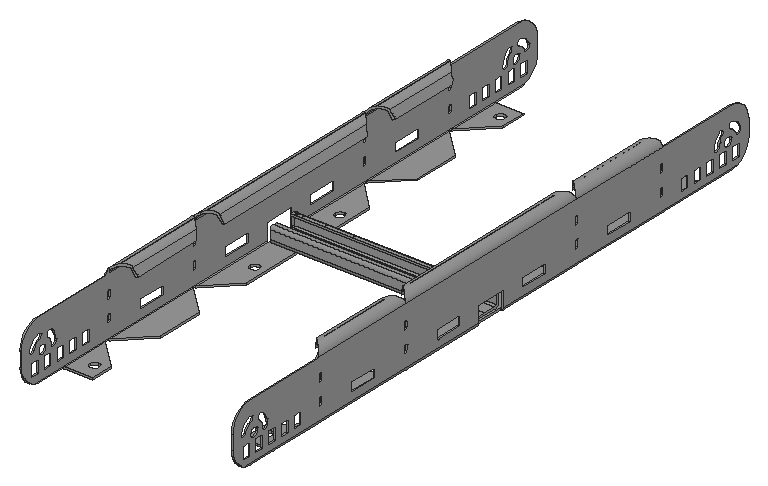
Revit family "Multifunktionsverbinder - LMFV 660 FS", category Generic Models, Revit 2017
Family settings
  Can host rebar = No
  Round Connector Dimension = Use Diameter
  Part Type = Normal
  Work Plane-Based = No
  Always vertical = Yes
  Cut with Voids When Loaded = No
  Shared = No
  Room Calculation Point = No
Parameters (values of type "LMFV 660 FS")
  Width 1 = 0 mm
  Width = 200 mm
  URL = "http://www.obo-bettermann.com"
  Material = Strip galvanised
  Manufacturer Art.No. = "6225718"
  Manufacturer = "OBO BETTERMANN"
  GTIN = "4012196443284"
  Cut's number 2 = 4
  Cut's number = 2
  Article Type = "LMFV 660 FS"
Reference planes
  plane 1 "Center (Front/Back)": y = 0
  plane 2: z = 0
  plane 3 "Center (Left/Right)": x = 0
  plane 4: z = 64
  plane 5: z = 52
  plane 6: x = 28.5
  plane 7: x = 13.5
  plane 8: y = 604
  plane 9: x = 200
  plane 10: x = 171.5
  plane 11: z = 64
  plane 12: z = 52
  plane 13: x = 186.5
  plane 14: x = 200
  plane 15: x = 500
  plane 16: x = 471.5
  plane 17: z = 64
  plane 18: z = 52
  plane 19: x = 486.5
  plane 20: x = 500
  plane 21: z = 55.5
  plane 22: z = 28.5
  plane 23: z = 1.57
  plane 24: z = 55.5
  plane 25: y = 102
  plane 26: y = 49
  plane 27: z = 1.5
  plane 28: y = 49
  plane 29: x = 200
  plane 30: x = 171.5
  plane 31: z = 64
  plane 32: z = 52
  plane 33: x = 186.5
  plane 34: y = 555
  plane 35: z = 1.5
  plane 36: y = 302
  plane 37: y = 202
  plane 38: y = 402
  plane 39: y = 502
  plane 40: y = 102
  plane 41: x = 200
  plane 42: x = 171.5
  plane 43: z = 64
  plane 44: z = 52
  plane 45: x = 186.5
  plane 46: y = 202
  plane 47: y = 102
  plane 48: y = 402
  plane 49: z = 14.5
  plane 50: y = 589
  plane 51: y = 574
  plane 52: y = 559
  plane 53: y = 574
  plane 54: y = 589
  plane 55: z = 14.509
  plane 56: y = 559
  plane 57: y = 544
  plane 58: y = 529
  plane 59: z = 14.304
  plane 60: y = 589
  plane 61: z = 26.9
  plane 62: y = 580
  plane 63: through (0, 580, 26.9) normal (0, 0.766, -0.6428)
  plane 64: y = 580
  plane 65: through (0, 580, 26.9) normal (0, 0.9397, 0.342)
  plane 66: z = 14.5
  plane 67: y = 15
  plane 68: y = 30
  plane 69: y = 45
  plane 70: y = 30
  plane 71: y = 15
  plane 72: z = 14.509
  plane 73: y = 45
  plane 74: y = 60
  plane 75: y = 75
  plane 76: z = 14.304
  plane 77: y = 15
  plane 78: z = 26.9
  plane 79: y = 24
  plane 80: through (0, 24, 26.9) normal (0, 0.766, 0.6428)
  plane 81: y = 24
  plane 82: through (0, 24, 26.9) normal (0, 0.9397, -0.342)
  plane 83: z = 14.509
  plane 84: y = 252
  plane 85: y = 352
  plane 86: z = 14.509
  plane 87: y = 152
  plane 88: y = 252
  plane 89: z = 14.509
  plane 90: y = 352
  plane 91: y = 452
  plane 92: z = 5.5
  plane 93: y = 202
  plane 94: y = 602
  plane 95: y = 302
  plane 96: y = 502
  plane 97: z = 32
  plane 98: z = 63.962
  plane 99: z = 0
  plane 100: x = 2.5
  plane 101: z = 26.9
  plane 102: y = 24
  plane 103: z = 26.9
  plane 104: through (0, 24, 26.9) normal (0, 0.766, -0.6428)
  plane 105: y = 24
  plane 106: through (0, 24, 26.9) normal (0, 0.9397, 0.342)
  plane 107: y = 33.538
  plane 108: y = 40.538
  plane 109: through (0, 33.973, 40.316) normal (0, -0.7071, -0.7071)
  plane 110: through (0, 29.512, 34.877) normal (0, -0.7071, -0.7071)
  plane 111: through (0, 21.658, 36.198) normal (0, -0.342, 0.9397)
  plane 112: through (0, 19.264, 42.776) normal (0, -0.342, 0.9397)
  plane 113: through (0, 24, 26.9) normal (0, 0.342, 0.9397)
  plane 114: through (0, 15.419, 31.212) normal (0, -0.9397, 0.342)
  plane 115: through (0, 9.027, 34.116) normal (0, -0.9397, 0.342)
  plane 116: z = 26.9
  plane 117: y = 580
  plane 118: z = 26.9
  plane 119: through (0, 580, 26.9) normal (0, 0.766, 0.6428)
  plane 120: y = 580
  plane 121: through (0, 580, 26.9) normal (0, 0.9397, -0.342)
  plane 122: y = 570.462
  plane 123: y = 563.462
  plane 124: through (0, 570.027, 40.316) normal (0, -0.7071, 0.7071)
  plane 125: through (0, 574.488, 34.877) normal (0, -0.7071, 0.7071)
  plane 126: through (0, 582.342, 36.198) normal (0, -0.342, -0.9397)
  plane 127: through (0, 584.736, 42.776) normal (0, -0.342, -0.9397)
  plane 128: through (0, 580, 26.9) normal (0, 0.342, -0.9397)
  plane 129: through (0, 588.581, 31.212) normal (0, -0.9397, -0.342)
  plane 130: through (0, 594.973, 34.116) normal (0, -0.9397, -0.342)
  plane 131: x = 200
  plane 132: x = 171.5
  plane 133: z = 64
  plane 134: z = 52
  plane 135: x = 186.5
  plane 136: z = 64
  plane 137: z = 52
  plane 138: x = 28.5
  plane 139: x = 13.5
  plane 140: x = 200
  plane 141: x = 171.5
  plane 142: z = 64
  plane 143: z = 52
  plane 144: x = 186.5
  plane 145: x = 200
  plane 146: x = 171.5
  plane 147: z = 64
  plane 148: z = 52
  plane 149: x = 186.5
  plane 150: x = 200
  plane 151: x = 171.5
  plane 152: z = 64
  plane 153: z = 52
  plane 154: x = 186.5
  plane 155: z = 1.5
  plane 156: z = 55.5
  plane 157: y = 49
  plane 158: y = 100
  plane 159: y = 100
  plane 160: z = 55.5
  plane 161: z = 1.5
  plane 162: y = 504
  plane 163: z = 14.5
  plane 164: z = 0
  plane 165: y = 15
  plane 166: z = 14.5
  plane 167: z = 0
  plane 168: y = 30
  plane 169: z = 14.5
  plane 170: z = 0
  plane 171: y = 45
  plane 172: z = 20.5
  plane 173: z = 8.5
  plane 174: y = 60
  plane 175: y = 75
  plane 176: y = 15
  plane 177: z = 14.5
  plane 178: z = 0
  plane 179: y = 589
  plane 180: z = 14.5
  plane 181: z = 0
  plane 182: y = 574
  plane 183: z = 14.5
  plane 184: z = 0
  plane 185: y = 559
  plane 186: z = 20.5
  plane 187: z = 8.5
  plane 188: y = 544
  plane 189: y = 529
  plane 190: y = 589
  plane 191: y = 352
  plane 192: y = 252
  plane 193: z = 14.5
  plane 194: y = 452
  plane 195: y = 352
  plane 196: z = 14.5
  plane 197: y = 252
  plane 198: y = 152
  plane 199: z = 14.5
  plane 200: y = 152
  plane 201: y = 52
  plane 202: z = 14.5
  plane 203: z = 18.007
  plane 204: z = 8.5
  plane 205: z = 20.5
  plane 206: z = 19.009
  plane 207: y = 202
  plane 208: y = 602
  plane 209: y = 302
  plane 210: y = 502
  plane 211: z = 52
  plane 212: z = 83.962
  plane 213: z = 20
  plane 214: z = 39.009
  plane 215: y = 202
  plane 216: y = 602
  plane 217: y = 302
  plane 218: y = 502
  plane 219: z = 32
  plane 220: z = 63.962
  plane 221: z = 0
  plane 222: z = 19.009
  plane 223: y = 102
  plane 224: y = 502
  plane 225: y = 202
  plane 226: y = 402
  plane 227: z = 32
  plane 228: z = 63.962
  plane 229: z = 0
  plane 230: z = 19.009
  plane 231: y = 102
  plane 232: y = 502
  plane 233: y = 202
  plane 234: y = 402
  plane 235: z = 52
  plane 236: z = 83.962
  plane 237: z = 20
  plane 238: z = 39.009
  plane 239: y = 402
  plane 240: y = 802
  plane 241: y = 502
  plane 242: y = 702
  plane 243: z = 32
  plane 244: z = 63.962
  plane 245: z = 0
  plane 246: z = 19.009
  plane 247: y = 402
  plane 248: y = 802
  plane 249: y = 502
  plane 250: y = 702
  plane 251: z = 52
  plane 252: z = 83.962
  plane 253: z = 20
  plane 254: z = 39.009
  plane 255: y = 502
  plane 256: y = 902
  plane 257: y = 602
  plane 258: y = 802
  plane 259: z = 32
  plane 260: z = 63.962
  plane 261: z = 0
  plane 262: z = 19.009
  plane 263: y = 502
  plane 264: y = 902
  plane 265: y = 602
  plane 266: y = 802
  plane 267: z = 52
  plane 268: z = 83.962
  plane 269: z = 20
  plane 270: z = 39.009
  plane 271: y = 402
  plane 272: z = 18.885
  plane 273: y = 402
  plane 274: z = 38.885
  plane 275: y = 402
  plane 276: z = 18.885
  plane 277: y = 502
  plane 278: z = 18.885
  plane 279: y = 502
  plane 280: z = 38.885
  plane 281: y = 202
  plane 282: z = 18.885
  plane 283: y = 202
  plane 284: z = 38.885
  plane 285: y = 102
  plane 286: z = 18.885
  plane 287: y = 102
  plane 288: z = 38.885
  plane 289: z = 26.707
  plane 290: y = 24
  plane 291: y = 23.845
  plane 292: z = 26.9
  plane 293: z = 26.9
  plane 294: through (4267.2, 24, 26.9) normal (0, -0.342, -0.9397)
  plane 295: through (4267.2, 24, 26.9) normal (0, -0.9397, -0.342)
  plane 296: through (4267.2, 24, 26.9) normal (0, -0.9397, 0.342)
  plane 297: through (4267.2, 24.072, 26.839) normal (0, -0.766, 0.6428)
  plane 298: z = 26.707
  plane 299: y = 580
  plane 300: y = 580.155
  plane 301: z = 26.9
  plane 302: z = 26.9
  plane 303: through (4267.2, 580, 26.9) normal (0, -0.342, 0.9397)
  plane 304: through (4267.2, 580, 26.9) normal (0, -0.9397, 0.342)
  plane 305: through (4267.2, 580, 26.9) normal (0, -0.9397, -0.342)
  plane 306: through (4267.2, 579.928, 26.839) normal (0, -0.766, -0.6428)
  plane 307: y = 402
  plane 308: y = 540
  plane 309: x = 18.5
  plane 310: y = 64
  plane 311: x = 18.5
  plane 312: y = 252.016
  plane 313: x = 18.5
  plane 314: y = 352.016
  plane 315: x = 18.5
  plane 316: x = 181.5
  plane 317: y = 540
  plane 318: y = 64
  plane 319: x = 181.5
  plane 320: y = 251.993
  plane 321: x = 181.5
  plane 322: y = 351.993
  plane 323: x = 181.5
  plane 324: x = 18.1
  plane 325: x = 181.9
  plane 326: x = 184.478
  plane 327: x = 182.087
  plane 328: x = 18.037
  plane 329: x = 62.037
  plane 330: x = 82.037
  plane 331: x = 102.037
  plane 332: x = 122.037
  plane 333: x = 142.037
  plane 334: y = 402
  plane 335: z = 18.885
  plane 336: y = 402
  plane 337: z = 38.885
  plane 338: y = 202
  plane 339: z = 18.885
  plane 340: y = 202
  plane 341: z = 38.885
  plane 342: y = 102
  plane 343: z = 18.885
  plane 344: y = 102
  plane 345: z = 38.885
  plane 346: x = 200
  plane 347: x = 171.5
  plane 348: z = 64
  plane 349: z = 52
  plane 350: x = 186.5
  plane 351: y = 202
  plane 352: z = 18.885
  plane 353: y = 202
  plane 354: z = 38.885
  plane 355: y = 102
  plane 356: z = 18.885
  plane 357: y = 102
  plane 358: z = 38.885
  plane 359: x = 172.087
Forms (mm)
  Extrusion 1, solid, material "Strip galvanised" <- "Material"
    sketch origin (0, 0, 0) x (1, 0, 0) y (0, 0, 1)
      loop
        line (28.5, 0) -> (28.5, 1.5) -> (2.2, 1.5)
        arc (2.2, 1.5) -> (1.705, 1.705) -> (1.5, 2.2) r 0.7
        line (1.5, 2.2) -> (1.5, 56.5)
        arc (1.5, 56.5) -> (1.613, 57.337) -> (1.812, 58.157) r 8.167
        arc (1.812, 58.157) -> (6.768, 62.449) -> (12.75, 59.767) r 6.098
        line (12.75, 59.767) -> (15.577, 52) -> (16.987, 52.513) -> (14.194, 60.187)
        arc (14.194, 60.187) -> (5.647, 63.759) -> (0, 56.416) r 7.598
        line (0, 56.416) -> (0, 2.5)
        arc (0, 2.5) -> (0.732, 0.732) -> (2.5, 0) r 2.5
        line (2.5, 0) -> (28.5, 0)
    from 0 to -604
  Extrusion 2, solid, material "Strip galvanised" <- "Material"
    sketch origin (-404, 0, 0) x (1, 0, 0) y (0, 0, 1)
      loop
        line (575.5, 0) -> (601.5, 0)
        arc (601.5, 0) -> (603.268, 0.732) -> (604, 2.5) r 2.5
        line (604, 2.5) -> (604, 56.273)
        arc (604, 56.273) -> (598.693, 63.601) -> (590.076, 60.843) r 7.712
        line (590.076, 60.843) -> (587.044, 52.513) -> (588.453, 52) -> (590.922, 58.783)
        arc (590.922, 58.783) -> (597.723, 62.197) -> (602.5, 56.273) r 6.061
        line (602.5, 56.273) -> (602.5, 2.5)
        arc (602.5, 2.5) -> (602.207, 1.793) -> (601.5, 1.5) r 1
        line (601.5, 1.5) -> (575.5, 1.5) -> (575.5, 0)
    from -604 to 0
  Extrusion 3, solid, not visible
    sketch origin (-104, 0, 0) x (1, 0, 0) y (0, 0, 1)
      loop
        line (575.5, 0) -> (601.5, 0)
        arc (601.5, 0) -> (603.268, 0.732) -> (604, 2.5) r 2.5
        line (604, 2.5) -> (604, 56.273)
        arc (604, 56.273) -> (598.693, 63.601) -> (590.076, 60.843) r 7.712
        line (590.076, 60.843) -> (587.044, 52.513) -> (588.453, 52) -> (590.922, 58.783)
        arc (590.922, 58.783) -> (597.723, 62.197) -> (602.5, 56.273) r 6.061
        line (602.5, 56.273) -> (602.5, 2.5)
        arc (602.5, 2.5) -> (602.207, 1.793) -> (601.5, 1.5) r 1
        line (601.5, 1.5) -> (575.5, 1.5) -> (575.5, 0)
    from -604 to 0
  Extrusion 4, void
    sketch origin (0, 0, 0) x (0, 1, 0) y (0, 0, 1)
      loop
        line (-1, 55.994) -> (102, 55.994) -> (102, 65) -> (-1, 65) -> (-1, 55.994)
    from 17.863 to 1.5
  Extrusion 5, void
    sketch origin (0.876, 0, 0) x (1, 0, 0) y (0, 1, 0)
      loop
        line (13.259, 102) -> (13.259, 0) -> (16.987, 0) -> (16.987, 102) -> (13.259, 102)
    from 65 to 51.065
  Extrusion 6, void
    sketch origin (0, 0, 0) x (1, 0, 0) y (0, 1, 0)
      loop
        line (1.5, 102) -> (16.987, 102) -> (16.987, 117.487) -> (1.5, 102)
    from 65 to 51.065
  Extrusion 7, void
    sketch origin (0, 0, 0) x (0, 1, 0) y (0, 0, 1)
      loop
        line (49, 1.5) -> (0, 1.5) -> (0, 0) -> (49, 0) -> (49, 1.5)
    from 0 to 28.5
  Extrusion 8, void
    sketch origin (0, 0, 0) x (0, 1, 0) y (0, 0, 1)
      loop
        line (98.846, 55.5) -> (101.992, 60.948) -> (0, 60.948) -> (0, 55.5) -> (98.846, 55.5)
    from 0 to 17.863
  Extrusion 9, void
    sketch origin (0, 0, 0) x (0, 1, 0) y (0, 0, 1)
      loop
        arc (0, 35.5) -> (5.858, 49.642) -> (20, 55.5) r 20
        line (20, 55.5) -> (-1.869, 55.5) -> (-1.869, 1.5) -> (20, 1.5)
        arc (20, 1.5) -> (5.858, 7.358) -> (0, 21.5) r 20
        line (0, 21.5) -> (0, 35.5)
    from 0 to 17.863
  Extrusion 10, solid, not visible
    sketch origin (-404, 0, 0) x (1, 0, 0) y (0, 0, 1)
      loop
        line (575.5, 0) -> (601.5, 0)
        arc (601.5, 0) -> (603.268, 0.732) -> (604, 2.5) r 2.5
        line (604, 2.5) -> (604, 56.273)
        arc (604, 56.273) -> (598.693, 63.601) -> (590.076, 60.843) r 7.712
        line (590.076, 60.843) -> (587.044, 52.513) -> (588.453, 52) -> (590.922, 58.783)
        arc (590.922, 58.783) -> (597.723, 62.197) -> (602.5, 56.273) r 6.061
        line (602.5, 56.273) -> (602.5, 2.5)
        arc (602.5, 2.5) -> (602.207, 1.793) -> (601.5, 1.5) r 1
        line (601.5, 1.5) -> (575.5, 1.5) -> (575.5, 0)
    from -604 to 0
  Extrusion 11, void
    sketch origin (0, 0, 0) x (0, 1, 0) y (0, 0, 1)
      loop
        line (555, 1.5) -> (555, 0) -> (604, 0) -> (604, 1.5) -> (555, 1.5)
    from 0 to 28.5
  Extrusion 12, void
    sketch origin (0, 0, 0) x (0, 1, 0) y (0, 0, 1)
      loop
        line (604, 1.5) -> (604, 2.5) -> (590.245, 2.5)
        arc (590.245, 2.5) -> (587.162, 1.752) -> (584, 1.5) r 20
        line (584, 1.5) -> (604, 1.5)
    from 0 to 28.5
  Extrusion 13, void
    sketch origin (0, 604, 0) x (0, -1, 0) y (0, 0, -1)
      loop
        line (0, -35.5) -> (0, -21.5)
        arc (0, -21.5) -> (5.858, -7.358) -> (20, -1.5) r 20
        line (20, -1.5) -> (-1.869, -1.5) -> (-1.869, -55.5) -> (20, -55.5)
        arc (20, -55.5) -> (5.858, -49.642) -> (0, -35.5) r 20
    from 0 to 17.863
  Extrusion 14, void
    sketch origin (0, 0, 0) x (1, 0, 0) y (0, 1, 0)
      loop
        line (0, 502) -> (16.987, 485.013) -> (16.987, 605.013) -> (0, 605.013) -> (0, 502)
    from 55.5 to 65
  Extrusion 15, void
    sketch origin (0, 0, 0) x (0, 1, 0) y (0, 0, 1)
      loop
        line (487.608, 55.5) -> (487.608, 52) -> (603.934, 52) -> (603.934, 55.5) -> (487.608, 55.5)
    from 14.136 to 17.863
  Extrusion 16, void
    sketch origin (0, 604, 0) x (1, 0, 0) y (0, 1, 0)
      loop
        line (1.5, -102) -> (16.987, -117.487) -> (16.987, -102) -> (1.5, -102)
    from 65 to 52
  Extrusion 17, void
    sketch origin (0, 0, 0) x (1, 0, 0) y (0, 1, 0)
      loop
        line (14.305, 487.695) -> (17.84, 484.16) -> (17.84, 488.041) -> (14.305, 491.577) -> (14.305, 487.695)
    from 54.609 to 51.065
  Extrusion 18, solid, not visible
    sketch origin (-404, 0, 0) x (1, 0, 0) y (0, 0, 1)
      loop
        line (575.5, 0) -> (601.5, 0)
        arc (601.5, 0) -> (603.268, 0.732) -> (604, 2.5) r 2.5
        line (604, 2.5) -> (604, 56.273)
        arc (604, 56.273) -> (598.693, 63.601) -> (590.076, 60.843) r 7.712
        line (590.076, 60.843) -> (587.044, 52.513) -> (588.453, 52) -> (590.922, 58.783)
        arc (590.922, 58.783) -> (597.723, 62.197) -> (602.5, 56.273) r 6.061
        line (602.5, 56.273) -> (602.5, 2.5)
        arc (602.5, 2.5) -> (602.207, 1.793) -> (601.5, 1.5) r 1
        line (601.5, 1.5) -> (575.5, 1.5) -> (575.5, 0)
    from -604 to 0
  Extrusion 19, void
    sketch origin (0, 0, 0) x (1, 0, 0) y (0, 1, 0)
      loop
        line (0, 202) -> (28.5, 173.5) -> (28.5, 230.5) -> (0, 202)
    from 65 to 52
  Extrusion 20, void
    sketch origin (0, 0, 0) x (1, 0, 0) y (0, 1, 0)
      loop
        line (0, 402) -> (28.5, 373.5) -> (28.5, 430.5) -> (0, 402)
    from 65 to 52
  Extrusion 21, void
    sketch origin (0, 0, 0) x (1, 0, 0) y (0, 1, 0)
      loop
        line (0, 502) -> (28.5, 473.5) -> (28.5, 530.5) -> (0, 502)
    from 1.5 to 0
  Extrusion 22, void
    sketch origin (0, 0, 0) x (1, 0, 0) y (0, 1, 0)
      loop
        line (0, 402) -> (28.5, 373.5) -> (28.5, 430.5) -> (0, 402)
    from 1.5 to 0
  Extrusion 23, void
    sketch origin (0, 0, 0) x (1, 0, 0) y (0, 1, 0)
      loop
        arc (1.414, 203.414) -> (0.828, 202) -> (1.414, 200.586) r 2
        line (1.414, 200.586) -> (28.5, 173.5) -> (28.5, 230.5) -> (1.414, 203.414)
    from 1.5 to 0
  Extrusion 24, void
    sketch origin (0, 0, 0) x (1, 0, 0) y (0, 1, 0)
      loop
        line (0.587, 98.259) -> (28.5, 70.346) -> (28.5, 129) -> (0.587, 101.087)
        arc (0.587, 101.087) -> (0.002, 99.673) -> (0.587, 98.259) r 2
    from 1.5 to 0
  Extrusion 25, void
    sketch origin (0, 0, 0) x (0, 1, 0) y (0, 0, 1)
      loop
        line (593.5, 20.5) -> (584.5, 20.5) -> (584.5, 8.5) -> (593.5, 8.5) -> (593.5, 20.5)
    from 0 to 1.5
  Extrusion 26, void
    sketch origin (0, 0, 0) x (0, 1, 0) y (0, 0, 1)
      loop
        line (578.548, 20.509) -> (569.548, 20.509) -> (569.548, 8.509) -> (578.548, 8.509) -> (578.548, 20.509)
      loop
        line (563.5, 20.509) -> (554.5, 20.509) -> (554.5, 8.509) -> (563.5, 8.509) -> (563.5, 20.509)
    from 0 to 1.5
  Extrusion 27, void
    sketch origin (0, 0, 0) x (0, 1, 0) y (0, 0, 1)
      loop
        line (548.5, 20.5) -> (539.5, 20.5) -> (539.5, 8.5) -> (548.5, 8.5) -> (548.5, 20.5)
      loop
        line (533.5, 20.5) -> (524.5, 20.5) -> (524.5, 8.5) -> (533.5, 8.5) -> (533.5, 20.5)
    from 0 to 1.5
  Extrusion 28, void
    sketch origin (0, 0, 0) x (0, 1, 0) y (0, 0, 1)
      loop
        circle (580, 26.9) r 4.5
    from 0 to 1.5
  Extrusion 29, void
    sketch origin (0, 604, 0) x (0, -1, 0) y (0, 0, -1)
      loop
        line (593.5, -20.5) -> (593.5, -8.5) -> (584.5, -8.5) -> (584.5, -20.5) -> (593.5, -20.5)
    from 0 to 1.5
  Extrusion 30, void
    sketch origin (0, 604, 0) x (0, -1, 0) y (0, 0, -1)
      loop
        line (578.548, -20.509) -> (578.548, -8.509) -> (569.548, -8.509) -> (569.548, -20.509) -> (578.548, -20.509)
      loop
        line (563.5, -20.509) -> (563.5, -8.509) -> (554.5, -8.509) -> (554.5, -20.509) -> (563.5, -20.509)
    from 0 to 1.5
  Extrusion 31, void
    sketch origin (0, 604, 0) x (0, -1, 0) y (0, 0, -1)
      loop
        line (548.5, -20.509) -> (548.5, -8.5) -> (539.5, -8.5) -> (539.5, -20.509) -> (548.5, -20.509)
      loop
        line (533.5, -20.5) -> (533.5, -8.5) -> (524.5, -8.5) -> (524.5, -20.5) -> (533.5, -20.5)
    from 0 to 1.5
  Extrusion 32, void
    sketch origin (0, 604, 0) x (0, -1, 0) y (0, 0, -1)
      loop
        circle (580, -26.9) r 4.5
    from 0 to 1.5
  Extrusion 33, void
    sketch origin (0, 0, 0) x (0, 1, 0) y (0, 0, 1)
      loop
        line (266, 19.009) -> (238, 19.009) -> (238, 10.009) -> (266, 10.009) -> (266, 19.009)
      loop
        line (366, 19.009) -> (338, 19.009) -> (338, 10.009) -> (366, 10.009) -> (366, 19.009)
    from 0 to 1.5
  Extrusion 34, void
    sketch origin (0, -100, 0) x (0, 1, 0) y (0, 0, 1)
      loop
        line (266, 19.009) -> (238, 19.009) -> (238, 10.009) -> (266, 10.009) -> (266, 19.009)
      loop
        line (366, 19.009) -> (338, 19.009) -> (338, 10.009) -> (366, 10.009) -> (366, 19.009)
    from 0 to 1.5
  Extrusion 35, void
    sketch origin (0, 100, 0) x (0, 1, 0) y (0, 0, 1)
      loop
        line (266, 19.009) -> (238, 19.009) -> (238, 10.009) -> (266, 10.009) -> (266, 19.009)
      loop
        line (366, 19.009) -> (338, 19.009) -> (338, 10.009) -> (366, 10.009) -> (366, 19.009)
    from 0 to 1.5
  Extrusion 36, void
    sketch origin (0, 0, 0) x (0, 1, 0) y (0, 0, 1)
      loop
        line (286.95, 0) -> (316.95, 0) -> (316.95, 18.007) -> (286.95, 18.007) -> (286.95, 0)
    from 0 to 2.5
  Extrusion 37, void
    sketch origin (0, 100, 0) x (0, 1, 0) y (0, 0, 1)
      loop
        line (104, 16.509) -> (104, 21.509)
        arc (104, 21.509) -> (102, 23.509) -> (100, 21.509) r 2
        line (100, 21.509) -> (100, 16.509)
        arc (100, 16.509) -> (102, 14.509) -> (104, 16.509) r 2
    from 0 to 1.5
  Extrusion 38, void
    sketch origin (0, 0, 0) x (0, 1, 0) y (0, 0, 1)
      loop
        arc (34.809, 39.48) -> (29.664, 39.211) -> (30.292, 34.097) r 3.522
        arc (30.292, 34.097) -> (32.87, 30.929) -> (33.538, 26.9) r 7.961
        arc (33.538, 26.9) -> (37.262, 23.407) -> (40.51, 27.346) r 3.5
        arc (40.51, 27.346) -> (38.774, 33.937) -> (34.809, 39.48) r 18.853
      loop
        arc (18.344, 42.441) -> (12.306, 38.594) -> (8.459, 32.556) r 16.538
        arc (8.459, 32.556) -> (10.551, 28.07) -> (15.037, 30.162) r 3.5
        arc (15.037, 30.162) -> (17.255, 33.645) -> (20.738, 35.863) r 9.538
        arc (20.738, 35.863) -> (22.83, 40.349) -> (18.344, 42.441) r 3.5
    from 0 to 1.5
  Extrusion 39, void
    sketch origin (0, 604, 0) x (0, -1, 0) y (0, 0, -1)
      loop
        arc (34.809, -39.48) -> (38.774, -33.937) -> (40.51, -27.346) r 18.853
        arc (40.51, -27.346) -> (37.262, -23.407) -> (33.538, -26.9) r 3.5
        arc (33.538, -26.9) -> (32.87, -30.929) -> (30.292, -34.097) r 7.961
        arc (30.292, -34.097) -> (29.664, -39.211) -> (34.809, -39.48) r 3.522
      loop
        arc (18.344, -42.441) -> (22.83, -40.349) -> (20.738, -35.863) r 3.5
        arc (20.738, -35.863) -> (17.255, -33.645) -> (15.037, -30.162) r 9.538
        arc (15.037, -30.162) -> (10.551, -28.07) -> (8.459, -32.556) r 3.5
        arc (8.459, -32.556) -> (12.306, -38.594) -> (18.344, -42.441) r 16.538
    from 0 to 1.5
  Extrusion 40, solid, not visible
    sketch origin (-404, 0, 0) x (1, 0, 0) y (0, 0, 1)
      loop
        line (575.5, 0) -> (601.5, 0)
        arc (601.5, 0) -> (603.268, 0.732) -> (604, 2.5) r 2.5
        line (604, 2.5) -> (604, 56.273)
        arc (604, 56.273) -> (598.693, 63.601) -> (590.076, 60.843) r 7.712
        line (590.076, 60.843) -> (587.044, 52.513) -> (588.453, 52) -> (590.922, 58.783)
        arc (590.922, 58.783) -> (597.723, 62.197) -> (602.5, 56.273) r 6.061
        line (602.5, 56.273) -> (602.5, 2.5)
        arc (602.5, 2.5) -> (602.207, 1.793) -> (601.5, 1.5) r 1
        line (601.5, 1.5) -> (575.5, 1.5) -> (575.5, 0)
    from -604 to 0
  Extrusion 41, solid, not visible
    sketch origin (0, 0, 0) x (1, 0, 0) y (0, 0, 1)
      loop
        line (28.5, 0) -> (28.5, 1.5) -> (2.2, 1.5)
        arc (2.2, 1.5) -> (1.705, 1.705) -> (1.5, 2.2) r 0.7
        line (1.5, 2.2) -> (1.5, 56.5)
        arc (1.5, 56.5) -> (1.613, 57.337) -> (1.812, 58.157) r 8.167
        arc (1.812, 58.157) -> (6.768, 62.449) -> (12.75, 59.767) r 6.098
        line (12.75, 59.767) -> (15.577, 52) -> (16.987, 52.513) -> (14.194, 60.187)
        arc (14.194, 60.187) -> (5.647, 63.759) -> (0, 56.416) r 7.598
        line (0, 56.416) -> (0, 2.5)
        arc (0, 2.5) -> (0.732, 0.732) -> (2.5, 0) r 2.5
        line (2.5, 0) -> (28.5, 0)
    from 0 to -604
  Extrusion 42, solid, not visible
    sketch origin (-404, 0, 0) x (1, 0, 0) y (0, 0, 1)
      loop
        line (575.5, 0) -> (601.5, 0)
        arc (601.5, 0) -> (603.268, 0.732) -> (604, 2.5) r 2.5
        line (604, 2.5) -> (604, 56.273)
        arc (604, 56.273) -> (598.693, 63.601) -> (590.076, 60.843) r 7.712
        line (590.076, 60.843) -> (587.044, 52.513) -> (588.453, 52) -> (590.922, 58.783)
        arc (590.922, 58.783) -> (597.723, 62.197) -> (602.5, 56.273) r 6.061
        line (602.5, 56.273) -> (602.5, 2.5)
        arc (602.5, 2.5) -> (602.207, 1.793) -> (601.5, 1.5) r 1
        line (601.5, 1.5) -> (575.5, 1.5) -> (575.5, 0)
    from -604 to 0
  Extrusion 43, solid, not visible
    sketch origin (-404, 0, 0) x (1, 0, 0) y (0, 0, 1)
      loop
        line (575.5, 0) -> (601.5, 0)
        arc (601.5, 0) -> (603.268, 0.732) -> (604, 2.5) r 2.5
        line (604, 2.5) -> (604, 56.273)
        arc (604, 56.273) -> (598.693, 63.601) -> (590.076, 60.843) r 7.712
        line (590.076, 60.843) -> (587.044, 52.513) -> (588.453, 52) -> (590.922, 58.783)
        arc (590.922, 58.783) -> (597.723, 62.197) -> (602.5, 56.273) r 6.061
        line (602.5, 56.273) -> (602.5, 2.5)
        arc (602.5, 2.5) -> (602.207, 1.793) -> (601.5, 1.5) r 1
        line (601.5, 1.5) -> (575.5, 1.5) -> (575.5, 0)
    from -604 to 0
  Extrusion 44, solid, not visible
    sketch origin (-404, 0, 0) x (1, 0, 0) y (0, 0, 1)
      loop
        line (575.5, 0) -> (601.5, 0)
        arc (601.5, 0) -> (603.268, 0.732) -> (604, 2.5) r 2.5
        line (604, 2.5) -> (604, 56.273)
        arc (604, 56.273) -> (598.693, 63.601) -> (590.076, 60.843) r 7.712
        line (590.076, 60.843) -> (587.044, 52.513) -> (588.453, 52) -> (590.922, 58.783)
        arc (590.922, 58.783) -> (597.723, 62.197) -> (602.5, 56.273) r 6.061
        line (602.5, 56.273) -> (602.5, 2.5)
        arc (602.5, 2.5) -> (602.207, 1.793) -> (601.5, 1.5) r 1
        line (601.5, 1.5) -> (575.5, 1.5) -> (575.5, 0)
    from -604 to 0
  Extrusion 45, void
    sketch origin (0, 0, 0) x (0, 1, 0) y (0, 0, 1)
      loop
        line (0, 1.5) -> (0, 0) -> (47.053, 0) -> (47.053, 1.5) -> (0, 1.5)
    from 171.5 to 200
  Extrusion 46, void
    sketch origin (0, 0, 0) x (1, 0, 0) y (0, 1, 0)
      loop
        line (198.5, 102.331) -> (172.087, 128.745) -> (172.087, 70.858) -> (172.087, 0) -> (198.5, 0) -> (198.5, 102.331)
    from 50.582 to 65.358
  Extrusion 47, void
    sketch origin (0, 0, 0) x (1, 0, 0) y (0, 1, 0)
      loop
        line (198.978, 101.806) -> (171.5, 129.285) -> (171.5, 71.5) -> (198.978, 98.978)
        arc (198.978, 98.978) -> (199.564, 100.392) -> (198.978, 101.806) r 2
    from 0 to 1.5
  Extrusion 48, void
    sketch origin (0, 0, 0) x (0, 1, 0) y (0, 0, 1)
      loop
        line (0, 55.5) -> (98.915, 55.5)
        arc (98.915, 55.5) -> (100.403, 58.203) -> (102, 60.843) r 75.091
        line (102, 60.843) -> (0, 60.843) -> (0, 55.5)
    from 198.5 to 200
  Extrusion 49, void
    sketch origin (0, 0, 0) x (0, 1, 0) y (0, 0, 1)
      loop
        line (20, 55.5) -> (-2.38, 55.5) -> (-2.38, 1.5) -> (20, 1.5)
        arc (20, 1.5) -> (5.858, 7.358) -> (0, 21.5) r 20
        line (0, 21.5) -> (0, 35.5)
        arc (0, 35.5) -> (5.858, 49.642) -> (20, 55.5) r 20
    from 196.978 to 200
  Extrusion 50, void
    sketch origin (0, 0, 0) x (0, 1, 0) y (0, 0, 1)
      loop
        line (555, 1.5) -> (555, 0) -> (604, 0) -> (604, 1.5) -> (555, 1.5)
    from 171.5 to 200
  Extrusion 51, void
    sketch origin (0, 0, 0) x (1, 0, 0) y (0, 1, 0)
      loop
        line (198.5, 502.5) -> (198.5, 604) -> (183.044, 604) -> (183.044, 487.044) -> (198.5, 502.5)
    from 50.582 to 65.358
  Extrusion 52, void
    sketch origin (0, 0, 0) x (0, 1, 0) y (0, 0, 1)
      loop
        line (604, 60.843) -> (502.5, 60.843) -> (502.5, 55.5) -> (604, 55.5) -> (604, 60.843)
    from 182.962 to 200
  Extrusion 53, void
    sketch origin (0, 0, 0) x (0, 1, 0) y (0, 0, 1)
      loop
        line (604, 35.5) -> (604, 21.5)
        arc (604, 21.5) -> (598.142, 7.358) -> (584, 1.5) r 20
        line (584, 1.5) -> (607.608, 1.5) -> (607.608, 55.5) -> (584, 55.5)
        arc (584, 55.5) -> (598.142, 49.642) -> (604, 35.5) r 20
    from 196.978 to 200
  Extrusion 54, void
    sketch origin (0, 30, 0) x (0, 1, 0) y (0, 0, 1)
      loop
        line (-19.5, 20.5) -> (-19.5, 8.5) -> (-10.5, 8.5) -> (-10.5, 20.5) -> (-19.5, 20.5)
    from 198.5 to 200
  Extrusion 55, void
    sketch origin (0, 30, 0) x (0, 1, 0) y (0, 0, 1)
      loop
        line (-4.5, 20.5) -> (-4.5, 8.5) -> (4.5, 8.5) -> (4.5, 20.5) -> (-4.5, 20.5)
    from 198.5 to 200
  Extrusion 56, void
    sketch origin (0, 30, 0) x (0, 1, 0) y (0, 0, 1)
      loop
        line (10.5, 20.5) -> (10.5, 8.5) -> (19.5, 8.5) -> (19.5, 20.5) -> (10.5, 20.5)
    from 198.5 to 200
  Extrusion 57, void
    sketch origin (0, 0, 0) x (0, 1, 0) y (0, 0, 1)
      loop
        line (55.5, 20.5) -> (55.5, 8.5) -> (64.5, 8.5) -> (64.5, 20.5) -> (55.5, 20.5)
      loop
        line (70.5, 20.5) -> (70.5, 8.5) -> (79.5, 8.5) -> (79.5, 20.5) -> (70.5, 20.5)
    from 198.5 to 200
  Extrusion 58, void
    sketch origin (0, 60, 0) x (0, 1, 0) y (0, 0, 1)
      loop
        line (533.5, 20.5) -> (524.5, 20.5) -> (524.5, 8.5) -> (533.5, 8.5) -> (533.5, 20.5)
    from 198.5 to 200
  Extrusion 59, void
    sketch origin (0, 45, 0) x (0, 1, 0) y (0, 0, 1)
      loop
        line (533.5, 20.5) -> (524.5, 20.5) -> (524.5, 8.5) -> (533.5, 8.5) -> (533.5, 20.5)
    from 198.5 to 200
  Extrusion 60, void
    sketch origin (0, 30, 0) x (0, 1, 0) y (0, 0, 1)
      loop
        line (533.5, 20.5) -> (524.5, 20.5) -> (524.5, 8.5) -> (533.5, 8.5) -> (533.5, 20.5)
    from 198.5 to 200
  Extrusion 61, void
    sketch origin (0, 604, 0) x (0, -1, 0) y (0, 0, -1)
      loop
        line (55.5, -20.5) -> (64.5, -20.5) -> (64.5, -8.5) -> (55.5, -8.5) -> (55.5, -20.5)
      loop
        line (70.5, -20.5) -> (79.5, -20.5) -> (79.5, -8.5) -> (70.5, -8.5) -> (70.5, -20.5)
    from 198.5 to 200
  Extrusion 62, void
    sketch origin (0, 0, 0) x (0, 1, 0) y (0, 0, 1)
      loop
        line (338, 19) -> (338, 10) -> (366, 10) -> (366, 19) -> (338, 19)
    from 198.5 to 200
  Extrusion 63, void
    sketch origin (0, 100, 0) x (0, 1, 0) y (0, 0, 1)
      loop
        line (338, 19) -> (338, 10) -> (366, 10) -> (366, 19) -> (338, 19)
    from 198.5 to 200
  Extrusion 64, void
    sketch origin (0, -100, 0) x (0, 1, 0) y (0, 0, 1)
      loop
        line (338, 19) -> (338, 10) -> (366, 10) -> (366, 19) -> (338, 19)
    from 198.5 to 200
  Extrusion 65, void
    sketch origin (0, -200, 0) x (0, 1, 0) y (0, 0, 1)
      loop
        line (338, 19) -> (338, 10) -> (366, 10) -> (366, 19) -> (338, 19)
    from 198.5 to 200
  Extrusion 66, void
    sketch origin (0, 0, 0) x (0, 1, 0) y (0, 0, 1)
      loop
        line (287, 18.007) -> (287, 0) -> (316.95, 0) -> (316.95, 18.007) -> (287, 18.007)
    from 196.978 to 200
  Extrusion 67, void
    sketch origin (0, 100, 20) x (0, 1, 0) y (0, 0, 1)
      loop
        line (104, 16.509) -> (104, 21.509)
        arc (104, 21.509) -> (102, 23.509) -> (100, 21.509) r 2
        line (100, 21.509) -> (100, 16.509)
        arc (100, 16.509) -> (102, 14.509) -> (104, 16.509) r 2
    from 0 to 1.5
  Extrusion 68, void, not visible
    sketch origin (0, 100, 0) x (0, 1, 0) y (0, 0, 1)
      loop
        line (104, 16.509) -> (104, 21.509)
        arc (104, 21.509) -> (102, 23.509) -> (100, 21.509) r 2
        line (100, 21.509) -> (100, 16.509)
        arc (100, 16.509) -> (102, 14.509) -> (104, 16.509) r 2
    from 0 to 1.5
  Extrusion 69, void
    sketch origin (0, 0, 0) x (0, 1, 0) y (0, 0, 1)
      loop
        line (104, 16.509) -> (104, 21.509)
        arc (104, 21.509) -> (102, 23.509) -> (100, 21.509) r 2
        line (100, 21.509) -> (100, 16.509)
        arc (100, 16.509) -> (102, 14.509) -> (104, 16.509) r 2
    from 0 to 1.5
  Extrusion 70, void
    sketch origin (0, 0, 20) x (0, 1, 0) y (0, 0, 1)
      loop
        line (104, 16.509) -> (104, 21.509)
        arc (104, 21.509) -> (102, 23.509) -> (100, 21.509) r 2
        line (100, 21.509) -> (100, 16.509)
        arc (100, 16.509) -> (102, 14.509) -> (104, 16.509) r 2
    from 0 to 1.5
  Extrusion 71, void
    sketch origin (0, 300, 0) x (0, 1, 0) y (0, 0, 1)
      loop
        line (104, 16.509) -> (104, 21.509)
        arc (104, 21.509) -> (102, 23.509) -> (100, 21.509) r 2
        line (100, 21.509) -> (100, 16.509)
        arc (100, 16.509) -> (102, 14.509) -> (104, 16.509) r 2
    from 0 to 1.5
  Extrusion 72, void
    sketch origin (0, 300, 20) x (0, 1, 0) y (0, 0, 1)
      loop
        line (104, 16.509) -> (104, 21.509)
        arc (104, 21.509) -> (102, 23.509) -> (100, 21.509) r 2
        line (100, 21.509) -> (100, 16.509)
        arc (100, 16.509) -> (102, 14.509) -> (104, 16.509) r 2
    from 0 to 1.5
  Extrusion 73, void
    sketch origin (0, 400, 0) x (0, 1, 0) y (0, 0, 1)
      loop
        line (104, 16.509) -> (104, 21.509)
        arc (104, 21.509) -> (102, 23.509) -> (100, 21.509) r 2
        line (100, 21.509) -> (100, 16.509)
        arc (100, 16.509) -> (102, 14.509) -> (104, 16.509) r 2
    from 0 to 1.5
  Extrusion 74, void
    sketch origin (0, 400, 20) x (0, 1, 0) y (0, 0, 1)
      loop
        line (104, 16.509) -> (104, 21.509)
        arc (104, 21.509) -> (102, 23.509) -> (100, 21.509) r 2
        line (100, 21.509) -> (100, 16.509)
        arc (100, 16.509) -> (102, 14.509) -> (104, 16.509) r 2
    from 0 to 1.5
  Extrusion 75, void
    sketch origin (0, 0, 0) x (0, 1, 0) y (0, 0, 1)
      loop
        arc (400, 16.385) -> (402, 14.385) -> (404, 16.385) r 2
        line (404, 16.385) -> (404, 21.385)
        arc (404, 21.385) -> (402, 23.385) -> (400, 21.385) r 2
        line (400, 21.385) -> (400, 16.385)
    from 198.5 to 200
  Extrusion 76, void
    sketch origin (0, 0, 20) x (0, 1, 0) y (0, 0, 1)
      loop
        arc (400, 16.385) -> (402, 14.385) -> (404, 16.385) r 2
        line (404, 16.385) -> (404, 21.385)
        arc (404, 21.385) -> (402, 23.385) -> (400, 21.385) r 2
        line (400, 21.385) -> (400, 16.385)
    from 198.5 to 200
  Extrusion 77, void, not visible
    sketch origin (0, 0, 0) x (0, 1, 0) y (0, 0, 1)
      loop
        arc (400, 16.385) -> (402, 14.385) -> (404, 16.385) r 2
        line (404, 16.385) -> (404, 21.385)
        arc (404, 21.385) -> (402, 23.385) -> (400, 21.385) r 2
        line (400, 21.385) -> (400, 16.385)
    from 198.5 to 200
  Extrusion 78, void
    sketch origin (0, 100, 0) x (0, 1, 0) y (0, 0, 1)
      loop
        arc (400, 16.385) -> (402, 14.385) -> (404, 16.385) r 2
        line (404, 16.385) -> (404, 21.385)
        arc (404, 21.385) -> (402, 23.385) -> (400, 21.385) r 2
        line (400, 21.385) -> (400, 16.385)
    from 198.5 to 200
  Extrusion 79, void
    sketch origin (0, 100, 20) x (0, 1, 0) y (0, 0, 1)
      loop
        arc (400, 16.385) -> (402, 14.385) -> (404, 16.385) r 2
        line (404, 16.385) -> (404, 21.385)
        arc (404, 21.385) -> (402, 23.385) -> (400, 21.385) r 2
        line (400, 21.385) -> (400, 16.385)
    from 198.5 to 200
  Extrusion 80, void
    sketch origin (0, -200, 0) x (0, 1, 0) y (0, 0, 1)
      loop
        arc (400, 16.385) -> (402, 14.385) -> (404, 16.385) r 2
        line (404, 16.385) -> (404, 21.385)
        arc (404, 21.385) -> (402, 23.385) -> (400, 21.385) r 2
        line (400, 21.385) -> (400, 16.385)
    from 198.5 to 200
  Extrusion 81, void
    sketch origin (0, -200, 20) x (0, 1, 0) y (0, 0, 1)
      loop
        arc (400, 16.385) -> (402, 14.385) -> (404, 16.385) r 2
        line (404, 16.385) -> (404, 21.385)
        arc (404, 21.385) -> (402, 23.385) -> (400, 21.385) r 2
        line (400, 21.385) -> (400, 16.385)
    from 198.5 to 200
  Extrusion 82, void
    sketch origin (0, -300, 0) x (0, 1, 0) y (0, 0, 1)
      loop
        arc (400, 16.385) -> (402, 14.385) -> (404, 16.385) r 2
        line (404, 16.385) -> (404, 21.385)
        arc (404, 21.385) -> (402, 23.385) -> (400, 21.385) r 2
        line (400, 21.385) -> (400, 16.385)
    from 198.5 to 200
  Extrusion 83, void
    sketch origin (0, -300, 20) x (0, 1, 0) y (0, 0, 1)
      loop
        arc (400, 16.385) -> (402, 14.385) -> (404, 16.385) r 2
        line (404, 16.385) -> (404, 21.385)
        arc (404, 21.385) -> (402, 23.385) -> (400, 21.385) r 2
        line (400, 21.385) -> (400, 16.385)
    from 198.5 to 200
  Extrusion 84, void
    sketch origin (0, 0, 0) x (0, 1, 0) y (0, 0, 1)
      loop
        circle (24, 26.707) r 4.5
    from 198.5 to 200
  Extrusion 85, void
    sketch origin (0, 0, 0) x (0, 1, 0) y (0, 0, 1)
      loop
        arc (15.037, 30.162) -> (17.255, 33.645) -> (20.738, 35.863) r 9.538
        arc (20.738, 35.863) -> (22.83, 40.349) -> (18.344, 42.441) r 3.5
        arc (18.344, 42.441) -> (12.306, 38.594) -> (8.459, 32.556) r 16.538
        arc (8.459, 32.556) -> (10.551, 28.07) -> (15.037, 30.162) r 3.5
      loop
        arc (30.542, 33.932) -> (32.806, 30.735) -> (33.605, 26.9) r 9.602
        arc (33.605, 26.9) -> (36.822, 23.412) -> (40.559, 26.334) r 3.5
        arc (40.559, 26.334) -> (38.984, 33.476) -> (34.809, 39.48) r 18.853
        arc (34.809, 39.48) -> (29.57, 39.094) -> (30.542, 33.932) r 3.522
    from 198.5 to 200
  Extrusion 86, void
    sketch origin (0, 604, 0) x (0, -1, 0) y (0, 0, -1)
      loop
        circle (24, -26.707) r 4.5
    from 198.5 to 200
  Extrusion 87, void
    sketch origin (0, 604, 0) x (0, -1, 0) y (0, 0, -1)
      loop
        arc (15.037, -30.162) -> (10.551, -28.07) -> (8.459, -32.556) r 3.5
        arc (8.459, -32.556) -> (12.306, -38.594) -> (18.344, -42.441) r 16.538
        arc (18.344, -42.441) -> (22.83, -40.349) -> (20.738, -35.863) r 3.5
        arc (20.738, -35.863) -> (17.255, -33.645) -> (15.037, -30.162) r 9.538
      loop
        arc (30.542, -33.932) -> (29.57, -39.094) -> (34.809, -39.48) r 3.522
        arc (34.809, -39.48) -> (38.984, -33.476) -> (40.559, -26.334) r 18.853
        arc (40.559, -26.334) -> (36.822, -23.412) -> (33.605, -26.9) r 3.5
        arc (33.605, -26.9) -> (32.806, -30.735) -> (30.542, -33.932) r 9.602
    from 198.5 to 200
  Extrusion 88, void
    sketch origin (0, 0, 0) x (1, 0, 0) y (0, 1, 0)
      loop
        line (200, 504) -> (171.5, 532.5) -> (171.5, 475.5) -> (200, 504)
    from 0 to 1.5
  Extrusion 89, void
    sketch origin (0, 0, 0) x (1, 0, 0) y (0, 1, 0)
      loop
        line (200, 202) -> (171.5, 230.5) -> (171.5, 173.5) -> (200, 202)
    from 0 to 1.5
  Extrusion 90, void
    sketch origin (0, 0, 0) x (1, 0, 0) y (0, 1, 0)
      loop
        line (200, 402) -> (183.044, 418.956) -> (183.044, 385.044) -> (200, 402)
    from 0 to 1.5
  Extrusion 91, void
    sketch origin (0, 0, 0) x (1, 0, 0) y (0, 1, 0)
      loop
        line (200, 402) -> (171.5, 430.5) -> (171.5, 373.5) -> (200, 402)
    from 0 to 1.5
  Extrusion 92, void
    sketch origin (0, 0, 0) x (1, 0, 0) y (0, 1, 0)
      loop
        line (200, 402) -> (183.044, 418.956) -> (183.044, 385.044) -> (200, 402)
      loop
        line (200, 202) -> (182.087, 219.913) -> (182.087, 184.087) -> (200, 202)
    from 50.582 to 65.358
  Extrusion 93, void
    sketch origin (0, 0, 0) x (1, 0, 0) y (0, 1, 0)
      loop
        circle (18.5, 540) r 4.5
    from 0 to 1.5
  Extrusion 94, void
    sketch origin (0, 0, 0) x (1, 0, 0) y (0, 1, 0)
      loop
        circle (18.5, 64) r 4.5
    from 0 to 1.5
  Extrusion 95, void
    sketch origin (0, 188.016, 0) x (1, 0, 0) y (0, 1, 0)
      loop
        circle (18.5, 64) r 4.5
    from 0 to 1.937
  Extrusion 96, void
    sketch origin (0, 288.016, 0) x (1, 0, 0) y (0, 1, 0)
      loop
        circle (18.5, 64) r 4.5
    from 0 to 1.5
  Extrusion 97, void
    sketch origin (0, 0, 0) x (1, 0, 0) y (0, 1, 0)
      loop
        circle (181.5, 540.17) r 4.5
    from 0 to 1.5
  Extrusion 98, void
    sketch origin (0, 0, 0) x (1, 0, 0) y (0, 1, 0)
      loop
        circle (181.5, 64) r 4.5
    from 0 to 1.5
  Extrusion 99, void
    sketch origin (0, 187.993, 0) x (1, 0, 0) y (0, 1, 0)
      loop
        circle (181.5, 64) r 4.5
    from 0 to 1.5
  Extrusion 100, void
    sketch origin (0, 287.993, 0) x (1, 0, 0) y (0, 1, 0)
      loop
        circle (181.5, 64) r 4.5
    from 0 to 1.5
  Extrusion 101, void
    sketch origin (0, 0, 0) x (1, 0, 0) y (0, 1, 0)
      loop
        circle (18.1, 302) r 2.6
    from 0 to 1.5
  Extrusion 102, void
    sketch origin (0, 0, 0) x (1, 0, 0) y (0, 1, 0)
      loop
        circle (181.9, 302) r 2.6
    from 1.5 to 0
  Extrusion 103, solid, material "Strip galvanised" <- "Material"
    sketch origin (0, 0, 0) x (0, 1, 0) y (0, 0, 1)
      loop
        line (302, 1.5) -> (313.95, 1.5)
        arc (313.95, 1.5) -> (316.072, 2.379) -> (316.95, 4.5) r 3
        line (316.95, 4.5) -> (316.95, 13.5)
        arc (316.95, 13.5) -> (316.072, 15.621) -> (313.95, 16.5) r 3
        line (313.95, 16.5) -> (310.478, 16.5) -> (310.478, 15) -> (313.95, 15)
        arc (313.95, 15) -> (315.011, 14.561) -> (315.45, 13.5) r 1.5
        line (315.45, 13.5) -> (315.45, 4.5)
        arc (315.45, 4.5) -> (315.011, 3.439) -> (313.95, 3) r 1.5
        line (313.95, 3) -> (302, 3) -> (289.95, 3)
        arc (289.95, 3) -> (288.89, 3.439) -> (288.45, 4.5) r 1.5
        line (288.45, 4.5) -> (288.45, 13.5)
        arc (288.45, 13.5) -> (288.89, 14.561) -> (289.95, 15) r 1.5
        line (289.95, 15) -> (293.48, 15) -> (293.48, 16.5) -> (289.95, 16.5)
        arc (289.95, 16.5) -> (287.829, 15.621) -> (286.95, 13.5) r 3
        line (286.95, 13.5) -> (286.95, 4.5)
        arc (286.95, 4.5) -> (287.829, 2.379) -> (289.95, 1.5) r 3
        line (289.95, 1.5) -> (302, 1.5)
    from 194.587 to 5.537
  Extrusion 104, void
    sketch origin (0, 0, 0) x (1, 0, 0) y (0, 1, 0)
      loop
        circle (18.037, 302) r 2.75
    from 1.5 to 3
  Extrusion 105, void
    sketch origin (0, 0, 0) x (1, 0, 0) y (0, 1, 0)
      loop
        circle (182.087, 302) r 2.6
    from 1.5 to 3
  Extrusion 106, void
    sketch origin (0, 0, 0) x (1, 0, 0) y (0, 1, 0)
      loop
        line (56.537, 310.478) -> (56.537, 293.48) -> (67.537, 293.48) -> (67.537, 310.478) -> (56.537, 310.478)
      loop
        line (78.537, 310.478) -> (78.537, 293.48) -> (85.537, 293.48) -> (85.537, 310.478) -> (78.537, 310.478)
      loop
        line (96.537, 310.478) -> (96.537, 293.48) -> (107.537, 293.48) -> (107.537, 310.478) -> (96.537, 310.478)
      loop
        line (116.537, 310.478) -> (116.537, 293.48) -> (127.537, 293.48) -> (127.537, 310.478) -> (116.537, 310.478)
      loop
        line (138.537, 310.478) -> (138.537, 293.48) -> (145.537, 293.48) -> (145.537, 310.478) -> (138.537, 310.478)
    from 1.5 to 3
  Extrusion 107, void, not visible
    sketch origin (0, 0, 0) x (0, 1, 0) y (0, 0, 1)
      loop
        arc (400, 16.385) -> (402, 14.385) -> (404, 16.385) r 2
        line (404, 16.385) -> (404, 21.385)
        arc (404, 21.385) -> (402, 23.385) -> (400, 21.385) r 2
        line (400, 21.385) -> (400, 16.385)
    from 198.5 to 200
  Extrusion 108, void, not visible
    sketch origin (0, 0, 20) x (0, 1, 0) y (0, 0, 1)
      loop
        arc (400, 16.385) -> (402, 14.385) -> (404, 16.385) r 2
        line (404, 16.385) -> (404, 21.385)
        arc (404, 21.385) -> (402, 23.385) -> (400, 21.385) r 2
        line (400, 21.385) -> (400, 16.385)
    from 198.5 to 200
  Extrusion 109, void, not visible
    sketch origin (0, -200, 0) x (0, 1, 0) y (0, 0, 1)
      loop
        arc (400, 16.385) -> (402, 14.385) -> (404, 16.385) r 2
        line (404, 16.385) -> (404, 21.385)
        arc (404, 21.385) -> (402, 23.385) -> (400, 21.385) r 2
        line (400, 21.385) -> (400, 16.385)
    from 198.5 to 200
  Extrusion 110, void, not visible
    sketch origin (0, -200, 20) x (0, 1, 0) y (0, 0, 1)
      loop
        arc (400, 16.385) -> (402, 14.385) -> (404, 16.385) r 2
        line (404, 16.385) -> (404, 21.385)
        arc (404, 21.385) -> (402, 23.385) -> (400, 21.385) r 2
        line (400, 21.385) -> (400, 16.385)
    from 198.5 to 200
  Extrusion 111, void, not visible
    sketch origin (0, -300, 0) x (0, 1, 0) y (0, 0, 1)
      loop
        arc (400, 16.385) -> (402, 14.385) -> (404, 16.385) r 2
        line (404, 16.385) -> (404, 21.385)
        arc (404, 21.385) -> (402, 23.385) -> (400, 21.385) r 2
        line (400, 21.385) -> (400, 16.385)
    from 198.5 to 200
  Extrusion 112, void, not visible
    sketch origin (0, -300, 20) x (0, 1, 0) y (0, 0, 1)
      loop
        arc (400, 16.385) -> (402, 14.385) -> (404, 16.385) r 2
        line (404, 16.385) -> (404, 21.385)
        arc (404, 21.385) -> (402, 23.385) -> (400, 21.385) r 2
        line (400, 21.385) -> (400, 16.385)
    from 198.5 to 200
  Extrusion 113, solid, not visible
    sketch origin (-404, 0, 0) x (1, 0, 0) y (0, 0, 1)
      loop
        line (575.5, 0) -> (601.5, 0)
        arc (601.5, 0) -> (603.268, 0.732) -> (604, 2.5) r 2.5
        line (604, 2.5) -> (604, 56.273)
        arc (604, 56.273) -> (598.693, 63.601) -> (590.076, 60.843) r 7.712
        line (590.076, 60.843) -> (587.044, 52.513) -> (588.453, 52) -> (590.922, 58.783)
        arc (590.922, 58.783) -> (597.723, 62.197) -> (602.5, 56.273) r 6.061
        line (602.5, 56.273) -> (602.5, 2.5)
        arc (602.5, 2.5) -> (602.207, 1.793) -> (601.5, 1.5) r 1
        line (601.5, 1.5) -> (575.5, 1.5) -> (575.5, 0)
    from -604 to 0
  Extrusion 114, solid, not visible
    sketch origin (0, 0, 0) x (0, 1, 0) y (0, 0, 1)
      loop
        line (302, 1.5) -> (313.95, 1.5)
        arc (313.95, 1.5) -> (316.072, 2.379) -> (316.95, 4.5) r 3
        line (316.95, 4.5) -> (316.95, 13.5)
        arc (316.95, 13.5) -> (316.072, 15.621) -> (313.95, 16.5) r 3
        line (313.95, 16.5) -> (310.478, 16.5) -> (310.478, 15) -> (313.95, 15)
        arc (313.95, 15) -> (315.011, 14.561) -> (315.45, 13.5) r 1.5
        line (315.45, 13.5) -> (315.45, 4.5)
        arc (315.45, 4.5) -> (315.011, 3.439) -> (313.95, 3) r 1.5
        line (313.95, 3) -> (302, 3) -> (289.95, 3)
        arc (289.95, 3) -> (288.89, 3.439) -> (288.45, 4.5) r 1.5
        line (288.45, 4.5) -> (288.45, 13.5)
        arc (288.45, 13.5) -> (288.89, 14.561) -> (289.95, 15) r 1.5
        line (289.95, 15) -> (293.48, 15) -> (293.48, 16.5) -> (289.95, 16.5)
        arc (289.95, 16.5) -> (287.829, 15.621) -> (286.95, 13.5) r 3
        line (286.95, 13.5) -> (286.95, 4.5)
        arc (286.95, 4.5) -> (287.829, 2.379) -> (289.95, 1.5) r 3
        line (289.95, 1.5) -> (302, 1.5)
    from 194.587 to 5.537
  Extrusion 115, void, not visible
    sketch origin (0, -200, 0) x (0, 1, 0) y (0, 0, 1)
      loop
        arc (400, 16.385) -> (402, 14.385) -> (404, 16.385) r 2
        line (404, 16.385) -> (404, 21.385)
        arc (404, 21.385) -> (402, 23.385) -> (400, 21.385) r 2
        line (400, 21.385) -> (400, 16.385)
    from 198.5 to 200
  Extrusion 116, void, not visible
    sketch origin (0, -200, 20) x (0, 1, 0) y (0, 0, 1)
      loop
        arc (400, 16.385) -> (402, 14.385) -> (404, 16.385) r 2
        line (404, 16.385) -> (404, 21.385)
        arc (404, 21.385) -> (402, 23.385) -> (400, 21.385) r 2
        line (400, 21.385) -> (400, 16.385)
    from 198.5 to 200
  Extrusion 117, void, not visible
    sketch origin (0, -300, 0) x (0, 1, 0) y (0, 0, 1)
      loop
        arc (400, 16.385) -> (402, 14.385) -> (404, 16.385) r 2
        line (404, 16.385) -> (404, 21.385)
        arc (404, 21.385) -> (402, 23.385) -> (400, 21.385) r 2
        line (400, 21.385) -> (400, 16.385)
    from 198.5 to 200
  Extrusion 118, void, not visible
    sketch origin (0, -300, 20) x (0, 1, 0) y (0, 0, 1)
      loop
        arc (400, 16.385) -> (402, 14.385) -> (404, 16.385) r 2
        line (404, 16.385) -> (404, 21.385)
        arc (404, 21.385) -> (402, 23.385) -> (400, 21.385) r 2
        line (400, 21.385) -> (400, 16.385)
    from 198.5 to 200
Cuts and joins
  Extrusion 4, Extrusion 5, Extrusion 6, Extrusion 7, Extrusion 8, Extrusion 9, Extrusion 11, Extrusion 12, Extrusion 13, Extrusion 14, Extrusion 15, Extrusion 16, Extrusion 17, Extrusion 19, Extrusion 20, Extrusion 21, Extrusion 22, Extrusion 23, Extrusion 24, Extrusion 25, Extrusion 26, Extrusion 27, Extrusion 28, Extrusion 29, Extrusion 30, Extrusion 31, Extrusion 32, Extrusion 33, Extrusion 34, Extrusion 35, Extrusion 36, Extrusion 37, Extrusion 38, Extrusion 39, Extrusion 45, Extrusion 49, Extrusion 50, Extrusion 52, Extrusion 53, Extrusion 54, Extrusion 57, Extrusion 61, Extrusion 62, Extrusion 66, Extrusion 67, Extrusion 69, Extrusion 70, Extrusion 71, Extrusion 72, Extrusion 73, Extrusion 74, Extrusion 93, Extrusion 94, Extrusion 95, Extrusion 96, Extrusion 101 cuts Extrusion 1
  Extrusion 7, Extrusion 8, Extrusion 9, Extrusion 11, Extrusion 12, Extrusion 15, Extrusion 27, Extrusion 28, Extrusion 30, Extrusion 31, Extrusion 32, Extrusion 33, Extrusion 34, Extrusion 35, Extrusion 36, Extrusion 38, Extrusion 45, Extrusion 46, Extrusion 47, Extrusion 48, Extrusion 49, Extrusion 50, Extrusion 51, Extrusion 52, Extrusion 53, Extrusion 54, Extrusion 55, Extrusion 56, Extrusion 57, Extrusion 58, Extrusion 59, Extrusion 60, Extrusion 61, Extrusion 62, Extrusion 63, Extrusion 64, Extrusion 65, Extrusion 66, Extrusion 75, Extrusion 76, Extrusion 78, Extrusion 79, Extrusion 80, Extrusion 81, Extrusion 82, Extrusion 83, Extrusion 84, Extrusion 85, Extrusion 86, Extrusion 87, Extrusion 88, Extrusion 89, Extrusion 90, Extrusion 91, Extrusion 92, Extrusion 97, Extrusion 98, Extrusion 99, Extrusion 100, Extrusion 102, Extrusion 105 cuts Extrusion 2
  Extrusion 104, Extrusion 105, Extrusion 106 cuts Extrusion 103
Dimensions and locks
  locked: plane 4 to plane 5 at 12
  locked: plane 7 to Extrusion 1 sketch curve at 12
  locked: Extrusion 1 sketch curve to Extrusion 1 sketch curve at 1.5  (x3)
  locked: plane 4 to Extrusion 1 sketch curve at 11.487
  locked: plane 4 to Extrusion 1 sketch curve at 12
  locked: Extrusion 1 sketch curve to Extrusion 1 sketch curve at 28.5
  locked: Extrusion 1 sketch curve to Extrusion 1 sketch curve at 16.987
  locked: plane 1 "Center (Front/Back)" to plane 8 at 604
  plane 9 to plane 3 "Center (Left/Right)" = 200 mm
  locked: plane 9 to plane 10 at 28.5
  locked: plane 11 to plane 12 at 12
  locked: Extrusion 2 sketch curve to plane 13 at 12
  locked: Extrusion 2 sketch curve to Extrusion 2 sketch curve at 1.5  (x3)
  locked: plane 11 to Extrusion 2 sketch curve at 12
  locked: plane 11 to Extrusion 2 sketch curve at 11.487
  locked: Extrusion 2 sketch curve to Extrusion 2 sketch curve at 63.985
  locked: Extrusion 2 sketch curve to Extrusion 2 sketch curve at 27
  locked: Extrusion 2 sketch curve to Extrusion 2 sketch curve at 7.218
  locked: Extrusion 2 sketch curve to Extrusion 2 sketch curve at 8.864
  locked: plane 15 to plane 16 at 28.5
  locked: plane 17 to plane 18 at 12
  locked: Extrusion 3 sketch curve to plane 19 at 12
  locked: Extrusion 3 sketch curve to Extrusion 3 sketch curve at 1.5  (x3)
  locked: plane 17 to Extrusion 3 sketch curve at 12
  locked: plane 17 to Extrusion 3 sketch curve at 11.487
  locked: Extrusion 3 sketch curve to Extrusion 3 sketch curve at 63.985
  locked: Extrusion 3 sketch curve to Extrusion 3 sketch curve at 27
  locked: Extrusion 3 sketch curve to Extrusion 3 sketch curve at 7.218
  locked: Extrusion 3 sketch curve to Extrusion 3 sketch curve at 8.864
  "Width": plane 14 to plane 3 "Center (Left/Right)"
  locked: Extrusion 1 to Extrusion 1 at 1.5
  Extrusion 1 to plane 22 = 28.5 mm
  locked: plane 24 to plane 22 at 27
  plane 22 to Extrusion 1 = 27 mm
  locked: plane 22 to Extrusion 1 at 27
  locked: plane 25 to Extrusion 1 at 102
  locked: plane 26 to Extrusion 1 at 49
  locked: Extrusion 4 sketch curve to Extrusion 4 sketch curve at 9.006
  locked: Extrusion 4 sketch curve to Extrusion 4 sketch curve at 103
  locked: plane 21 to plane 27 at 54
  locked: plane 28 to cut or joined group of Extrusion 1, Extrusion 4, Extrusion 5, Extrusion 6, Extrusion 7, Extrusion 8, Extrusion 9, Extrusion 11, Extrusion 12, Extrusion 13, Extrusion 14, Extrusion 15, Extrusion 16, Extrusion 17, Extrusion 19, Extrusion 20, Extrusion 21, Extrusion 22, Extrusion 23, Extrusion 24, Extrusion 25, Extrusion 26, Extrusion 27, Extrusion 28, Extrusion 29, Extrusion 30, Extrusion 31, Extrusion 32, Extrusion 33, Extrusion 34, Extrusion 35, Extrusion 36, Extrusion 37, Extrusion 38, Extrusion 39, Extrusion 45, Extrusion 49, Extrusion 50, Extrusion 52, Extrusion 53, Extrusion 54, Extrusion 57, Extrusion 61, Extrusion 62, Extrusion 66, Extrusion 67, Extrusion 69, Extrusion 70, Extrusion 71, Extrusion 72, Extrusion 73, Extrusion 74, Extrusion 93, Extrusion 94, Extrusion 95, Extrusion 96, Extrusion 101 at 49
